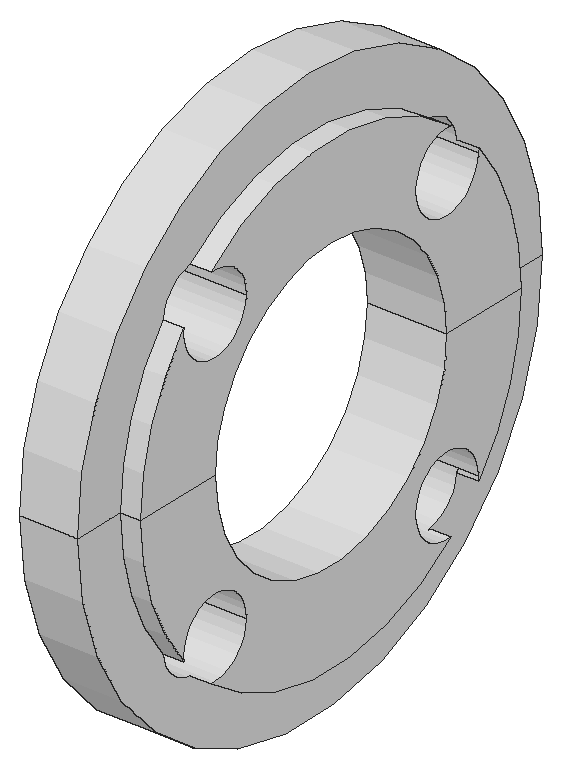
Revit family "Redi_Фитинг_Фланец жесткий", category Соединительные детали трубопроводов, Revit 2019
Family settings
  Размер круглого соединителя = Использовать диаметр
  Тип детали = Фланец
  На основе рабочей плоскости = Нет
  Всегда вертикально = Да
  При загрузке вырезать с полостями = Нет
  Общий = Да
Parameters
  Поиск в таблице имен = "Redi_Фитинг_Фланец жесткий"  # constant formula
  z [instance] = size_lookup(Поиск в таблице имен, "z", 7 mm, d)  # 8 mm
  s [instance] = size_lookup(Поиск в таблице имен, "s", 28 mm, d)  # 22 mm
  d [instance] = 110 mm
  I [instance] = size_lookup(Поиск в таблице имен, "I", 240 mm, d)  # 180 mm
  E *2/3 [instance] = E / 4  # 55 mm
  E [instance] = size_lookup(Поиск в таблице имен, "E", 285 mm, d)  # 220 mm
  ADSK_Наименование [instance] = size_lookup(Поиск в таблице имен, "ADSK_Наименование", "Нет в каталоге", d)  # "Фланец жесткий, DN110"
  ADSK_Масса_Текст [instance] = size_lookup(Поиск в таблице имен, "ADSK_Масса_Текст", "Нет в каталоге", d)  # "0.94"
  ADSK_Масса [instance] = 0
  ADSK_Марка = ""
  ADSK_Код изделия [instance] = size_lookup(Поиск в таблице имен, "ADSK_Код изделия", "Нет в каталоге", d)  # "RVOFFI910"
  ADSK_Завод-изготовитель = "Redi"  # constant formula
  ADSK_Единица измерения = "шт."  # constant formula
Reference planes
  plane 1 "По центру (Вперед/Назад)": y = 0
  plane 2: z = 0
  plane 3 "По центру (Влево/Вправо)": x = 0
  plane 4: x = -11
  plane 5: x = 11
  plane 6: y = 110
  plane 7: y = -110
  plane 8: y = -90
  plane 9: y = 90
  plane 10: x = 19
  plane 11: y = -55
  plane 12: y = 55
  plane 13: y = -27.5
Forms (mm)
  Revolve 1, solid, material "05 Пластик ПВХ Белый"
    sketch origin (0, 0, 0) x (1, 0, 0) y (0, 1, 0)
      loop
        line (-11, -55) -> (-11, -110) -> (11, -110) -> (11, -90) -> (19, -90) -> (19, -55) -> (-11, -55)
      axis (19, 0) -> (-11, 0)
    angle from 0 to 360
  Extrusion 2, void
    sketch origin (0, 0, 0) x (0, 1, 0) y (0, 0, 1)
      loop
        circle (55, 55) r 15
      loop
        circle (-55, 55) r 15
      loop
        circle (55, -55) r 15
      loop
        circle (-55, -55) r 15
    from -11 to 19
Cuts and joins
  Extrusion 2 cuts Revolve 1
Dimensions and locks
  equal spacing: plane 4, plane 3 "По центру (Влево/Вправо)", plane 5
  "s": plane 4 to plane 5
  equal spacing: plane 9, plane 1 "По центру (Вперед/Назад)", plane 8
  "I": plane 9 to plane 8
  equal spacing: plane 6, plane 1 "По центру (Вперед/Назад)", plane 7
  "E": plane 6 to plane 7
  "z": plane 5 to plane 10
  "E *2/3": Extrusion 2 sketch curve to level  (x2)
  "E *2/3": Extrusion 2 sketch curve to plane 1 "По центру (Вперед/Назад)"  (x2)
  "E *2/3": level to Extrusion 2 sketch curve  (x2)
  "E *2/3": plane 1 "По центру (Вперед/Назад)" to Extrusion 2 sketch curve  (x2)
  equal spacing: plane 11, plane 1 "По центру (Вперед/Назад)", plane 12
  "d": plane 12 to plane 11
  equal spacing: plane 11, plane 13, plane 1 "По центру (Вперед/Назад)"
  aligned and locked: level to plane 2
  aligned and locked: plane 4 to Revolve 1 sketch curve
  aligned and locked: plane 7 to Revolve 1 sketch curve
  aligned and locked: plane 5 to Revolve 1 sketch curve
  aligned and locked: Revolve 1 sketch curve to plane 8
  aligned and locked: Revolve 1 sketch curve to plane 10
  aligned and locked: Extrusion 2 to plane 4
  aligned and locked: Extrusion 2 to plane 10
Automatic sketch dimensions
  Revolve 1 sketch curve to plane 1 "По центру (Вперед/Назад)" = 0 mm
  Revolve 1 sketch curve to plane 4 = 1916.011 mm
  Revolve 1 sketch curve to plane 10 = 1913.011 mm
  plane 11 to Revolve 1 sketch curve = 0 mm
  radius of Extrusion 2 sketch curve = 15 mm  (x4)
Connectors
  piping at (19, 0, 39.432), diameter 110, driven by "d"
    settings: on cut or joined group of Revolve 1, Extrusion 2, index 1, connector inside diameter 609.6 mm, connector length 0 mm, flow factor 0, pipe flow 0.0 L/s, pressure drop 0.0 Pa, fitting loss kfactor 0, connector angle 0.00°, fixture units 0, engagement length 0 mm, angle of deflection 0.00°, flow configuration 0, flow direction 0, fitting loss method 0, system type 28, joint type 0, gender type 0, connector reference index 2, connector utility 0, adjustable connector no, is connector primary yes, connector description ""
  piping at (-11, 0, 0), diameter 110, driven by "d"
    settings: on cut or joined group of Revolve 1, Extrusion 2, index 2, connector inside diameter 609.6 mm, connector length 0 mm, flow factor 0, pipe flow 0.0 L/s, pressure drop 0.0 Pa, fitting loss kfactor 0, connector angle 0.00°, fixture units 0, engagement length 0 mm, angle of deflection 0.00°, flow configuration 0, flow direction 0, fitting loss method 0, system type 28, joint type 0, gender type 0, connector reference index 1, connector utility 0, adjustable connector no, is connector primary no, connector description ""
